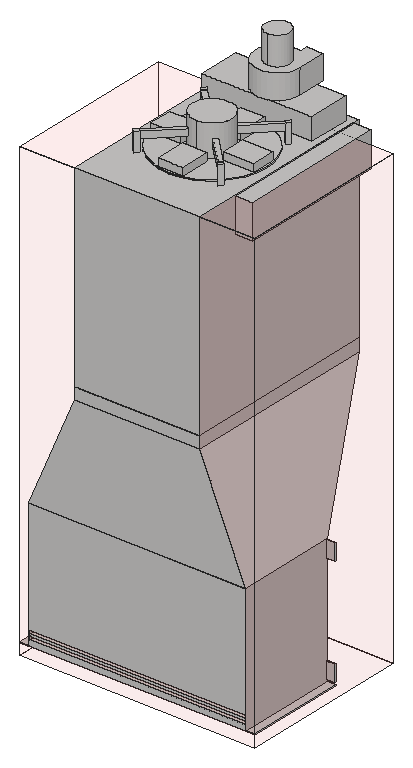
Revit family "Air-Curtain_Industrial_PoweredAire_Gas-Indirect-1Heater", category Mechanical Equipment, host Face, Revit 2016
Family settings
  Host = Face
  Part Type = Normal
  Round Connector Dimension = Use Diameter
  OmniClass Number = 23.75.35.17.21
  OmniClass Title = Air Curtains
  Cut with Voids When Loaded = No
  Shared = No
  Room Calculation Point = No
Parameters
  topbracket [instance] = Unit Height = 1' 4 3/4"  # yes
  Warranty Duration (Years) = 0
  Unit Width Notes = "Other Widths available."  # constant formula
  Unit Width = 3' - 3"
  Unit Weight = 0
  Unit Height = 1' - 4 3/4"
  Unit Depth = 1' - 9 1/4"
  URL = "http://www.poweredaire.com/"
  Test Data = ""
  Standards Conformance = "as Specified"
  Specification = "http://www.arcat.com/sdspecs/htm04/23_34_33pai.htm"
  SpecWizard = ""
  Sound Pressure = "as Specified"
  Sales Information = "http://www.poweredaire.com/contact_us"
  Revision = "R1_2016-08"
  Projection from Host [instance] = 0' - 2"
  Product Properties = ""
  Product Data = "http://www.arcat.com/arcatcos/cos47/arc47623.html"
  Power Rating = 0 W
  Piping_Operating Pressure [instance] = 0.00 psi
  Pipe OD [instance] = 5/8"
  Overall Depth = 6' - 1 3/4"
  Nozzle Width = if(1 = 1, Unit Width - 0' 3", 0' 0")  # 3' - 0"
  Mounting Width = if(1 = 1, Unit Width - 0' 1 1/2", 0' 0")  # 3' - 1 1/2"
  Mounting Height [instance] = 3' - 6"
  Motor RPM = 0
  Motor HP = 0
  Motor Count = 0
  Model = "As Specified"
  Max Height = 0' - 0"
  Manufacturer Website = "http://www.poweredaire.com/"
  Manufacturer Phone - Toll Free = "888-321-2473"
  Manufacturer Phone = "724-588-3305"
  Manufacturer Fax = "724-588-3371"
  Manufacturer Address = "109 Mortensen Rd.  Greenville, PA 16125"
  Manufacturer = "Powered Aire, Inc"
  Maintenance Schedule (Months) = 0
  Keynote = "23 34 33"
  Installation-Fabrication = ""
  Installation Phase = ""
  Include Clearance [instance] = yes
  Heating Element Load = 0 W
  Heater Weight = 0
  Heater Hanging Width = 1' - 6 5/8"
  Heater Finish [instance] = Metal - Steel - PoweredAire - Stainless 304
  HVAC_Temperature Rise = 0 °F
  HVAC_Primary CFM = 0 CFM
  HVAC_Outlet Volume = 0 CFM
  HVAC_Outlet Velocity Uniformity = 0
  HVAC_Outlet Velocity = 0 FPM
  HVAC_Exit Temperature [instance] = 0 °F
  HVAC_BTU Output = 0.0 Btu/h
  HVAC_BTU Input = 0.0 Btu/h
  Green Building-LEED = "http://www.arcat.com/green/clients/leed_data_47623.html"
  Gas Connection Diameter [instance] = 0"
  Frame Finish [instance] = Metal - Steel - PoweredAire - Stainless 304
  Expected Lifespan (Years) = 0
  Exhaust Connection Diameter = 0' - 5"
  Electrical_Wattage [instance] = Power Rating + Heating Element Load  # 0 W
  Electrical_Voltage [instance] = 0 V
  Electrical_Phase [instance] = 1
  Electrical_Frequency [instance] = 0 Hz
  Electrical_Amperage [instance] = 0 A
  Drawn By = "Sumex Design, Inc. / Robert S. Weygant, CSI, CDT, SCIP"
  Description = "Powered Aire Air Curtain as Specified"
  Default Elevation = 0' - 0"  # constant formula
  Copyright = "©Arcat Inc."
  Construction Details = "http://www.arcat.com/details/powair/prod3336.html"
  Clearance_Top [instance] = 1' - 0"
  Clearance_Side B [instance] = 0' - 0"
  Clearance_Side A [instance] = 0' - 0"
  Clearance_Intake [instance] = 0' - 0"
  Clearance_Bottom [instance] = 0' - 0"
  Clearance Material [instance] = ARCAT Clearance
  Building Codes = ""
  Available Options [instance] = "as Specified"
  Assembly Code = "D3090400"
Reference planes (in)
  plane 1 "Center (Elevation)": y = 0.13818
  plane 2: z = 0
  plane 3 "Center (Left/Right)": x = 0
  plane 4 "Top": y = 8.51318
  plane 5: y = -8.23682
  plane 6: x = -19.5
  plane 7: x = 19.5
  plane 8 "Front": z = 23.25
  plane 9 "FF": y = -41.86182
  plane 10: z = 2
  plane 11: x = 18
  plane 12: x = -18
  plane 13: y = 20.51318
  plane 14: y = -8.23682
  plane 15: x = -19.5
  plane 16: x = 19.5
  plane 17: z = 75.75
  plane 18: x = 17.9375
  plane 19: x = -17.9375
  plane 20: x = 18
  plane 21: x = 18
  plane 22: y = 6.01318
  plane 23: y = -5.73682
  plane 24: x = -9.3125
  plane 25: x = 9.3125
  plane 26: x = -10.375
  plane 27: x = 10.375
  plane 28: z = 75.75
  plane 29: z = 43.25
  plane 30: z = 41.25
Forms (in)
  Extrusion 1, solid, material "Metal - Steel - PoweredAire - Stainless 304" <- "Frame Finish"
    sketch origin (0, 0, 0) x (0, 1, 0) y (0, 0, 1)
      loop
        line (-8.23682, 2) -> (8.51318, 2) -> (8.51318, 23.25) -> (-8.23682, 23.25) -> (-8.23682, 2)
    from -18 to 18
  Extrusion 2, solid, material "ARCAT Clearance" <- "Clearance Material", visible <- "Include Clearance"
    sketch origin (0, 0, 0) x (0, 1, 0) y (0, 0, 1)
      loop
        line (-8.23682, 75.75) -> (-8.23682, 0) -> (20.51318, 0) -> (20.51318, 75.75) -> (-8.23682, 75.75)
    from -19.5 to 19.5
  Extrusion 3, solid, material "Metal - Steel - PoweredAire - Stainless 304" <- "Frame Finish"
    sketch origin (-15.17702, -180, 2) x (-1, 0, 0) y (0, -1, 0)
      loop
        line (-33.17702, -188.51318) -> (-33.17702, -171.76318) -> (-34.67702, -171.76318) -> (-34.67702, -188.51318) -> (-33.17702, -188.51318)
      loop
        line (2.82298, -188.51318) -> (4.32298, -188.51318) -> (4.32298, -171.76318) -> (2.82298, -171.76318) -> (2.82298, -188.51318)
    from 0 to 0.125
  Extrusion 4, solid, material "Metal - Steel - PoweredAire - Stainless 304" <- "Frame Finish", visible <- "topbracket"
    sketch origin (-11.83813, 8.51318, 48) x (-1, 0, 0) y (0, 0, 1)
      loop
        line (-29.83813, -45.5) -> (-29.83813, -42.75) -> (-31.33813, -42.75) -> (-31.33813, -45.5) -> (-29.83813, -45.5)
      loop
        line (-29.83813, -27.5) -> (-29.83813, -24.75) -> (-31.33813, -24.75) -> (-31.33813, -27.5) -> (-29.83813, -27.5)
      loop
        line (6.16187, -45.5) -> (7.66187, -45.5) -> (7.66187, -42.75) -> (6.16187, -42.75) -> (6.16187, -45.5)
      loop
        line (6.16187, -27.5) -> (7.66187, -27.5) -> (7.66187, -24.75) -> (6.16187, -24.75) -> (6.16187, -27.5)
    from 0 to -0.125
  Extrusion 5, void
    sketch origin (0, 0, 0) x (0, 1, 0) y (0, 0, 1)
      loop
        line (-8.23682, 3) -> (-7.23682, 3) -> (-7.23682, 4.5) -> (-8.23682, 4.5) -> (-8.23682, 3.82425) -> (-7.38364, 3.82425) -> (-7.38364, 3.57425) -> (-8.23682, 3.57425) -> (-8.23682, 3)
    from -17.9375 to 17.9375
  Blend 6, solid, material "Metal - Steel - PoweredAire - Stainless 304" <- "Frame Finish"
    base sketch origin (-15.17702, -180, 23.25) x (-1, 0, 0) y (0, -1, 0)
      loop
        line (2.82298, -188.51318) -> (2.82298, -171.76318) -> (-33.17702, -171.76318) -> (-33.17702, -188.51318) -> (2.82298, -188.51318)
    top sketch origin (-15.17702, -180, 23.25) x (-1, 0, 0) y (0, -1, 0)
      loop
        line (-4.80202, -171.76318) -> (-25.55202, -171.76318) -> (-25.55202, -204.76318) -> (-4.80202, -204.76318) -> (-4.80202, -171.76318)
    from 0 to 18
Cuts and joins
  Extrusion 5 cuts Extrusion 1
Dimensions and locks (in)
  equal spacing: plane 4 "Top", plane 1 "Center (Elevation)", plane 5
  "Unit Height": plane 4 "Top" to plane 5
  equal spacing: plane 6, plane 3 "Center (Left/Right)", plane 7
  "Unit Width": plane 6 to plane 7
  "Mounting Height": plane 1 "Center (Elevation)" to plane 9 "FF"
  "Projection from Host": plane 10 to level
  "Unit Depth": plane 8 "Front" to plane 10
  locked: plane 6 to plane 12 at 1.5
  locked: plane 11 to plane 7 at 1.5
  "Clearance_Side A": plane 7 to plane 16
  "Clearance_Side B": plane 15 to plane 6
  "Clearance_Top": plane 13 to plane 4 "Top"
  "Clearance_Bottom": plane 5 to plane 14
  "Clearance_Intake": plane 17 to plane 28
  Extrusion 5 sketch curve to Extrusion 5 sketch curve to Extrusion 5 sketch curve to Extrusion 5 sketch curve to plane 10 = 0' - 0.67575" locked, 0' - 0 1/4" locked, 0' - 0.57425" locked, 0' - 1" locked
  plane 5 to Extrusion 5 sketch curve to Extrusion 5 sketch curve = 0' - 0.85319" locked, 0' - 0.14681" locked
  locked: plane 19 to plane 12 at 0.0625
  locked: plane 11 to plane 18 at 0.0625
  locked: plane 20 to plane 11
  locked: plane 21 to plane 11
  locked: plane 4 "Top" to plane 22 at 2.5
  locked: plane 23 to plane 5 at 2.5
  equal spacing: plane 24, plane 3 "Center (Left/Right)", plane 25
  "Heater Hanging Width": plane 24 to plane 25
  locked: plane 25 to plane 27 at 1.0625
  locked: plane 26 to plane 24 at 1.0625
  "Overall Depth": plane 28 to plane 10
  locked: plane 29 to plane 30 at 2
  locked: plane 28 to plane 29 at 32.5
  locked: Blend 6 sketch curve to plane 5 at 33
  Extrusion 4 sketch curve to Extrusion 4 sketch curve to plane 10 = 0' - 2 3/4" locked, 0' - 0 1/2" locked  (x2)
  plane 8 "Front" to Extrusion 4 sketch curve to Extrusion 4 sketch curve = 0' - 0" locked, 0' - 2 3/4" locked  (x2)
  aligned and locked: plane 2 to host face
  aligned and locked: level to host face
  aligned and locked: Extrusion 2 sketch curve to plane 17
  aligned and locked: plane 14 to Extrusion 2 sketch curve
  aligned and locked: level to Extrusion 2 sketch curve
  aligned and locked: Extrusion 2 sketch curve to plane 13
  aligned and locked: plane 16 to Extrusion 2
  aligned and locked: Extrusion 2 to plane 15
  aligned and locked: plane 11 to Extrusion 1
  aligned and locked: Extrusion 1 to plane 12
  aligned and locked: Extrusion 1 sketch curve to plane 8 "Front"
  aligned and locked: plane 28 to nested 1
  aligned and locked: Blend 6 sketch curve to plane 5  (x2)
  aligned and locked: plane 12 to Blend 6 sketch curve
  aligned and locked: Blend 6 sketch curve to plane 11
  aligned and locked: Blend 6 sketch curve to plane 4 "Top"
  aligned and locked: Blend 6 sketch curve to plane 26
  aligned and locked: plane 27 to Blend 6 sketch curve
  aligned and locked: plane 30 to Blend 6
  aligned and locked: plane 3 "Center (Left/Right)" to nested 1
  aligned and locked: plane 18 to cut or joined group of Extrusion 1, Extrusion 5
  aligned and locked: cut or joined group of Extrusion 1, Extrusion 5 to plane 19
Automatic sketch dimensions
  host sketch curve to host sketch curve = 8' - 0"  (x2)
  plane 4 "Top" to Extrusion 3 sketch curve = 0' - 0"
  Extrusion 3 sketch curve to plane 7 = 0' - 0"
  plane 5 to Extrusion 3 sketch curve = 0' - 0"
  Extrusion 3 sketch curve to plane 11 = 0' - 0"
  Extrusion 3 sketch curve to plane 4 "Top" = 0' - 0"
  Extrusion 3 sketch curve to plane 12 = 0' - 0"
  Extrusion 3 sketch curve to plane 6 = 0' - 0"
  Extrusion 3 sketch curve to plane 5 = 0' - 0"
  Extrusion 4 sketch curve to plane 7 = 0' - 0"  (x2)
  Extrusion 4 sketch curve to plane 11 = 0' - 0"  (x2)
  Extrusion 4 sketch curve to plane 12 = 0' - 0"  (x2)
  Extrusion 4 sketch curve to plane 6 = 0' - 0"  (x2)
  Extrusion 5 sketch curve to plane 5 = 0' - 0"  (x2)
  Extrusion 1 sketch curve to plane 5 = 0' - 0"
  Extrusion 1 sketch curve to plane 4 "Top" = 0' - 0"
  Extrusion 1 sketch curve to plane 10 = 0' - 0"
Nested families (in)
  nested 1: "Heater" at (0, -8.23682, 43.2987) x (1, 0, 0) z (0, 1, 0), finish <- "Heater Finish", burner width <- "Heater Hanging Width", type "Heater"
    with finish Metal - Steel - PoweredAire - Stainless 304, burner width 1' - 6 5/8", Two Fan no, One Fan yes
Connectors (in)
  electrical at (-18, 0.13818, 12.625), driven by "Electrical_Voltage", driven by "Electrical_Phase"
    settings: on cut or joined group of Extrusion 1, Extrusion 5, index 3, voltage 0 V, apparent load 0 VA, apparent load phase1 0 VA, apparent load phase2 0 VA, apparent load phase3 0 VA, power factor 1, load classification "Motor", number of poles 1, system type 31, power factor state 1, is connector primary yes, connector utility no, sub classification motor no, connector description ""
  hvac at (3, 24.76318, 81.40625), driven by "Exhaust Connection Diameter", driven by "HVAC_Primary CFM"
    settings: on nested 1, index 4, duct flow 0 CFM, flow factor 0, pres drop 0.00 in-wg, loss coef 0, conn angle 0.00°, conn width 12", conn height 12", conn diameter 5", duct sys type 3, conn prof type 0, flow config 0, flow direction 2, loss method 0, conn ref index -1, conn util no, is conn primary yes, conn desc ""
Definition of nested family "Heater"
  Parameters
    finish [instance] = none
    burner width [instance] = 4' - 0 5/8"
    burner depth = 3' - 8 3/4"
    Two Fan [instance] = burner width > 4' 0"  # yes
    One Fan [instance] = burner width < 4' 0"  # no
    Default Elevation = 0' - 0"  # constant formula
  Reference planes (in)
    plane 1 "Center (Front/Back)": y = 0
    plane 2: z = 0
    plane 3 "Center (Left/Right)": x = 0
    plane 4: x = -25.375
    plane 5: x = 25.375
    plane 6: z = 33
    plane 7: y = -44.75
    plane 8: x = 3
    plane 9: x = 4.375
    plane 10: x = -12.6875
    plane 11: x = 12.6875
    plane 12: z = 15.5
    plane 13: x = -24.3125
    plane 14: x = 24.3125
  Forms (in)
    Extrusion 1, solid, material <- "finish"
      sketch origin (-74.94554, -3, 38.65968) x (0, 0, 1) y (1, 0, 0)
        loop
          line (-5.65968, 49.57054) -> (-5.65968, 100.32054) -> (-38.65968, 100.32054) -> (-38.65968, 49.57054) -> (-5.65968, 49.57054)
      from 3 to -29.4513
    Extrusion 2, solid, material <- "finish"
      sketch origin (0, 0, 0) x (0, 1, 0) y (0, 0, 1)
        loop
          line (2, 0) -> (2, 33) -> (0, 33) -> (0, 0) -> (2, 0)
      from -25.375 to 25.375
    Extrusion 3, solid, material <- "finish"
      sketch origin (-74.94554, -32.4513, 38.65968) x (0, 0, 1) y (1, 0, 0)
        loop
          line (-6.91591, 50.82971) -> (-6.91591, 99.10844) -> (-13.91591, 99.10844) -> (-13.91591, 50.82971) -> (-6.91591, 50.82971)
      from 0 to -3.625
    Extrusion 4, solid, material <- "finish"
      sketch origin (-74.94554, -36.0763, 38.65968) x (0, 0, 1) y (1, 0, 0)
        loop
          arc (-10.4052, 79.32054) -> (-12.67312, 72.60509) -> (-6.79809, 76.57054) r 3.74068
          line (-6.79809, 76.57054) -> (-5.65968, 76.57054) -> (-5.65968, 79.32054) -> (-10.4052, 79.32054)
      from 0 to -4.0625
    Extrusion 5, solid, material <- "finish"
      sketch origin (-73.58006, -40.1388, 35.52564) x (0, 0, -1) y (1, 0, 0)
        loop
          circle (7.27116, 74.21438) r 2
      from 4.6112 to 0
    Extrusion 6, solid, material <- "finish"
      sketch origin (0, 0, 0) x (1, 0, 0) y (0, 1, 0)
        loop
          line (28.3125, -32.4513) -> (28.3125, -26.7013) -> (25.3125, -26.7013) -> (25.3125, -32.4513) -> (28.3125, -32.4513)
      from 7.25 to 31.75
    Extrusion 7, solid, material <- "finish", visible <- "Two Fan"
      sketch origin (0, 0, 0) x (0, 1, 0) y (0, 0, 1)
        loop
          line (-32.4513, 6.22268) -> (-44.15658, 5.1986) -> (-44.15658, 4.4486) -> (-32.4513, 4.85736) -> (-32.4513, 6.22268)
      from -25.375 to 25.375
  Dimensions and locks (in)
    locked: Extrusion 4 sketch curve to Extrusion 4 sketch curve at 2.75
    "burner width": plane 13 to plane 14
    locked: plane 6 to level at 33
    "burner depth": plane 7 to plane 1 "Center (Front/Back)"
    locked: plane 8 to plane 9 at 1.375
    Extrusion 4 sketch curve to Extrusion 4 sketch curve to plane 8 = 0' - 0.99068" locked, 0' - 1 3/8" locked
    locked: Extrusion 5 sketch curve to plane 8 at 2.36568
    locked: plane 8 to plane 3 "Center (Left/Right)" at 3
    Extrusion 6 sketch curve to plane 5 to Extrusion 6 sketch curve = 0' - 0 1/16" locked, 0' - 2 15/16" locked
    equal spacing: plane 5, plane 11, plane 3 "Center (Left/Right)", plane 10, plane 4
    locked: plane 4 to plane 13 at 1.0625
    locked: plane 14 to plane 5 at 1.0625
    aligned and locked: plane 2 to level
    aligned: Extrusion 4 to Extrusion 5
    aligned: Extrusion 3 to Extrusion 2  (x2)
    aligned and locked: plane 7 to Extrusion 5
    aligned and locked: plane 4 to Extrusion 1 sketch curve
    aligned and locked: Extrusion 1 sketch curve to plane 5
    aligned and locked: Extrusion 7 to plane 4
    aligned and locked: plane 5 to Extrusion 7
    aligned and locked: plane 12 to nested 1
    aligned and locked: plane 3 "Center (Left/Right)" to nested 1
    aligned and locked: plane 12 to nested 3
    aligned and locked: plane 11 to nested 3
    aligned and locked: plane 10 to nested 2
    aligned and locked: plane 12 to nested 2
    aligned and locked: plane 5 to Extrusion 2
    aligned and locked: Extrusion 2 to plane 4
  Automatic sketch dimensions
    Extrusion 1 to Extrusion 3 sketch curve = 0' - 1.25917"
    Extrusion 1 to Extrusion 3 sketch curve = 0' - 8.25624"
    Extrusion 1 to Extrusion 3 sketch curve = 0' - 1.2121"
    Extrusion 1 to Extrusion 3 sketch curve = 0' - 1.25624"
    Extrusion 4 sketch curve to Extrusion 3 = 0' - 0.11782"
    Extrusion 4 sketch curve to Extrusion 3 = 0' - 1.25624"
    Extrusion 5 sketch curve to Extrusion 4 = 0' - 4.74552"
    Extrusion 1 sketch curve to level = 0' - 0"
    Extrusion 1 sketch curve to plane 6 = 0' - 0"
    Extrusion 2 sketch curve to level = 0' - 0"
    Extrusion 2 sketch curve to plane 1 "Center (Front/Back)" = 0' - 0"
    Extrusion 2 sketch curve to plane 6 = 0' - 0"
    Extrusion 2 sketch curve to Extrusion 2 sketch curve = 0' - 2"
    Extrusion 6 sketch curve to plane 7 = 1' - 0.2987"
    Extrusion 6 sketch curve to Extrusion 6 sketch curve = 0' - 5 3/4"
    Extrusion 7 sketch curve to plane 7 = 0' - 0.59342"
    level to Extrusion 7 sketch curve = 0' - 4.4486"
    Extrusion 7 sketch curve to Extrusion 7 sketch curve = 0' - 0 3/4"
    level to Extrusion 7 sketch curve = 0' - 4.85736"
    Extrusion 7 sketch curve to Extrusion 7 sketch curve = 0' - 11.70529"
    Extrusion 7 sketch curve to Extrusion 7 sketch curve = 0' - 1.36532"
    radius of Extrusion 5 sketch curve = 0' - 2"
  Nested families (in)
    nested 1: "FanControls" at (0, -32.4513, 15.5) x (1, 0, 0) z (0, -1, 0), finish <- "finish", visible <- "One Fan", type "FanControls"
      with finish none
    nested 2: "FanControls" at (-12.6875, -32.4513, 15.5) x (1, 0, 0) z (0, -1, 0), finish <- "finish", visible <- "Two Fan", type "FanControls"
      with finish none
    nested 3: "FanControls" at (12.6875, -32.4513, 15.5) x (1, 0, 0) z (0, -1, 0), finish <- "finish", visible <- "Two Fan", type "FanControls"
      with finish none
  Definition of nested family "FanControls"
    Parameters
      finish [instance] = none
      Default Elevation = 4' - 0"
    Reference planes (in)
      plane 1 "Center (Front/Back)": y = 0
      plane 2: z = 0
      plane 3 "Center (Left/Right)": x = 0
    Forms (in)
      Extrusion 1, solid, material <- "finish"
        sketch origin (-75.00804, 32.07233, 0) x (1, 0, 0) y (0, -1, 0)
          loop
            circle (75.00804, 32.07233) r 3.25
        from -5.33075 to 0
      Extrusion 2, solid, material <- "finish"
        sketch origin (24.44581, -78.06044, 0) x (1, 0, 0) y (0, -1, 0)
          loop
            line (-22.50831, -86.58776) -> (-22.50831, -81.58776) -> (-26.50831, -81.58776) -> (-26.50831, -86.58776) -> (-22.50831, -86.58776)
          loop
            line (-22.50831, -69.53312) -> (-26.50831, -69.53312) -> (-26.50831, -74.53312) -> (-22.50831, -74.53312) -> (-22.50831, -69.53312)
          loop
            line (-15.98099, -76.06044) -> (-20.98099, -76.06044) -> (-20.98099, -80.06044) -> (-15.98099, -80.06044) -> (-15.98099, -76.06044)
          loop
            line (-33.03563, -76.06044) -> (-33.03563, -80.06044) -> (-28.03563, -80.06044) -> (-28.03563, -76.06044) -> (-33.03563, -76.06044)
        from 0 to -1.37288
      Extrusion 3, solid, material <- "finish"
        sketch origin (-75.00804, 21.40968, 0) x (1, 0, 0) y (0, -1, 0)
          loop
            line (68.02536, 14.95733) -> (68.55569, 14.427) -> (75.00804, 20.87935) -> (81.46039, 14.427) -> (81.99072, 14.95733) -> (75.53837, 21.40968) -> (81.99072, 27.86203) -> (81.46039, 28.39236) -> (75.00804, 21.94001) -> (68.55569, 28.39236) -> (68.02536, 27.86203) -> (74.47771, 21.40968) -> (68.02536, 14.95733)
        from -3.1123 to -2
      Extrusion 4, solid, material <- "finish"
        sketch origin (-75.00804, 21.40968, 0) x (1, 0, 0) y (0, -1, 0)
          loop
            line (68.02536, 13.89667) -> (68.55569, 14.427) -> (68.02536, 14.95733) -> (67.49503, 14.427) -> (68.02536, 13.89667)
          loop
            line (82.52105, 14.427) -> (81.99072, 14.95733) -> (81.46039, 14.427) -> (81.99072, 13.89667) -> (82.52105, 14.427)
          loop
            line (81.99072, 28.92269) -> (81.46039, 28.39236) -> (81.99072, 27.86203) -> (82.52105, 28.39236) -> (81.99072, 28.92269)
          loop
            line (67.49503, 28.39236) -> (68.02536, 27.86203) -> (68.55569, 28.39236) -> (68.02536, 28.92269) -> (67.49503, 28.39236)
        from 0 to -3.1123
      Extrusion 5, solid, material <- "finish"
        sketch origin (0, 0, 0) x (1, 0, 0) y (0, 1, 0)
          loop
            circle (0, 0) r 9
        from 0 to 0.14961
    Dimensions and locks (in)
      Extrusion 4 sketch curve to Extrusion 4 sketch curve to Extrusion 4 sketch curve to Extrusion 4 sketch curve = 0' - 0.53033" locked, 0' - 0" locked, 0' - 0.53033" locked  (x4)
      Extrusion 3 sketch curve to Extrusion 3 sketch curve to Extrusion 3 sketch curve to Extrusion 3 sketch curve to Extrusion 3 sketch curve = 0' - 5.92202" locked, 0' - 0" locked, 0' - 0.53033" locked, 0' - 0" locked
      Extrusion 3 sketch curve to Extrusion 3 sketch curve to Extrusion 3 sketch curve to Extrusion 3 sketch curve to Extrusion 3 sketch curve = 0' - 0" locked, 0' - 0.53033" locked, 0' - 0" locked, 0' - 5.92202" locked
      locked: Extrusion 2 sketch curve to Extrusion 2 sketch curve at 5  (x2)
      aligned and locked: plane 2 to level
